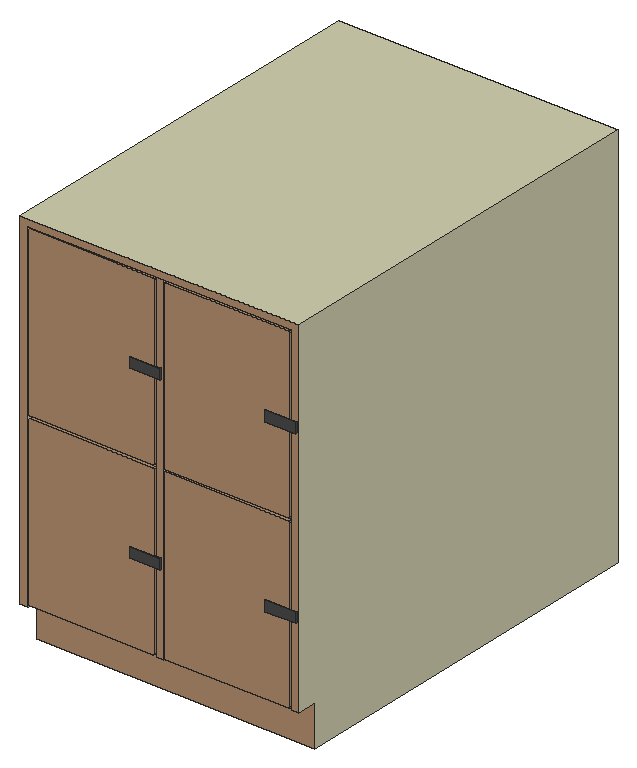
Revit family "Cabinet_Wenger_UltraStor_55", category Furniture, Revit 2015
Parameters (values of type "UltraStor Cabinet #55 - Comp Wood Doors")
  URL = "https://www.wengercorp.com/"
  Type Comments = ""
  Specification = "http://www.arcat.com/sdspecs/htm04/12_35_83wen.htm"
  Shelf Thickness = 0' - 1 1/8"
  Sales Information = "https://www.wengercorp.com/contact-us.php"
  Revision = "R1_2018-04"
  Rear Panel Thickness = 0' - 0 3/4"
  Product Data = "http://www.arcat.com/arcatcos/cos36/arc36487.html"
  Manufacturer Website = "https://www.wengercorp.com/"
  Manufacturer Phone - Toll Free = "800-4WENGER"
  Manufacturer Phone = "(507) 455-4100"
  Manufacturer Fax = "(507) 455-4258"
  Manufacturer Address = "555 Park Dr., Owatonna, MN 55060"
  Keynote = "12 35 83"
  HasDoors = yes
  Green Building-LEED = "http://www.arcat.com/green/clients/leed_data_36487.html"
  Drawn By = "Sumex Design, Inc. / Robert S. Weygant, CSI, CDT, SCIP"
  Door Width = (Cabinet Width - 0' 2 1/4") / 2  # 1' - 0 5/8"
  Door Style = Door_Base : Solid Door
  Door Material [instance] = Wenger Cherry (Use Cherry Edge Band Only)
  Door Height = (Cabinet Height - 0' 4 3/4") / 2  # 1' - 4 25/32"
  Toe Kick Material [instance] = Wenger Cherry (Use Cherry Edge Band Only)
  RH End Panel [instance] = no
  Model = "#55"
  Manufacturer = "Wenger Corporation"
  LH End Panel [instance] = no
  End Panel Material [instance] = Wenger Cherry (Use Cherry Edge Band Only)
  Edge Banding Material [instance] = Wenger Cherry (Use Cherry Edge Band Only)
  Cost = 0
  Copyright = "© 2018 Arcat Inc."
  Construction Details = "http://www.arcat.com/details/wengerco/wengerco.html?coid=36487"
  Body Material [instance] = Wenger - Oyster
  Description = "Wenger UltraStor Cabinet #55 - Comp Wood Doors"
  Cabinet Width = 2' - 3 1/2"
  Cabinet Height = 3' - 2 5/16"
  Installed Depth = 3' - 3 1/4"
  Cabinet Panel Thickness = 0' - 0 3/4"
  Assembly Code = "E2010200"
Types (14): name | Rear Panel Thickness | HasDoors | Door Width | Door Style | Door Material | Model | Description | Cabinet Width | Installed Depth
  Acoustic Cabinet #55 - No Doors | 0' - 3 1/4" | no | 1' - 0 5/8" | Door_Base : Solid Door | none | "#55A" | "Wenger Acoustic Cabinet #55 - No Doors" | 2' - 3 1/2" | 3' - 5 3/4"
  Narrow Acoustic Cabinet #55 - No Doors | 0' - 3 1/4" | no | 0' - 9 5/8" | Door_Base : Solid Door | none | "#55NA" | "Wenger Narrow Acoustic Cabinet #55 - No Doors" | 1' - 9 1/2" | 3' - 5 3/4"
  Acoustic Cabinet #55 - Comp Grille Doors | 0' - 3 1/4" | yes | 1' - 0 5/8" | Door_Base : Bars | Painted Black | "#55A" | "Wenger Acoustic Cabinet #55 - Comp Grille Doors" | 2' - 3 1/2" | 3' - 5 3/4"
  Narrow Acoustic Cabinet #55 - Comp Grille Doors | 0' - 3 1/4" | yes | 0' - 9 5/8" | Door_Base : Bars | Painted Black | "#55NA" | "Wenger Narrow Acoustic Cabinet #55 - Comp Grille Doors" | 1' - 9 1/2" | 3' - 5 3/4"
  Acoustic Cabinet #55 - Comp Waterfall Grille Doors | 0' - 3 1/4" | yes | 1' - 0 5/8" | Door_Base : Waterfall | Painted Black | "#55A" | "Wenger Acoustic Cabinet #55 - Comp Waterfall Grille Doors" | 2' - 3 1/2" | 3' - 5 3/4"
  Narrow Acoustic Cabinet #55 - Comp Waterfall Grille Doors | 0' - 3 1/4" | yes | 0' - 9 5/8" | Door_Base : Waterfall | Painted Black | "#55NA" | "Wenger Narrow Acoustic Cabinet #55 - Comp Waterfall Grille Doors" | 1' - 9 1/2" | 3' - 5 3/4"
  Narrow UltraStor Cabinet #55 - No Doors | 0' - 0 3/4" | no | 0' - 9 5/8" | Door_Base : Solid Door | none | "#55N" | "Wenger Narrow Cabinet #55 - No Doors" | 1' - 9 1/2" | 3' - 3 1/4"
  Narrow UltraStor Cabinet #55 - Comp Grille Doors | 0' - 0 3/4" | yes | 0' - 9 5/8" | Door_Base : Bars | Painted Black | "#55N" | "Wenger Narrow Cabinet #55 - Comp Grille Doors" | 1' - 9 1/2" | 3' - 3 1/4"
  UltraStor Cabinet #55 - Comp Waterfall Grille Doors | 0' - 0 3/4" | yes | 1' - 0 5/8" | Door_Base : Waterfall | Painted Black | "#55" | "Wenger UltraStor Cabinet #55 - Comp Waterfall Grille Doors" | 2' - 3 1/2" | 3' - 3 1/4"
  UltraStor Cabinet #55 - Comp Wood Doors | 0' - 0 3/4" | yes | 1' - 0 5/8" | Door_Base : Solid Door | Wenger Cherry (Use Cherry Edge Band Only) | "#55" | "Wenger UltraStor Cabinet #55 - Comp Wood Doors" | 2' - 3 1/2" | 3' - 3 1/4"
  Narrow UltraStor Cabinet #55 - Comp Waterfall Grille Doors | 0' - 0 3/4" | yes | 0' - 9 5/8" | Door_Base : Waterfall | Painted Black | "#55N" | "Wenger Narrow Cabinet #55 - Comp Waterfall Grille Doors" | 1' - 9 1/2" | 3' - 3 1/4"
  Narrow UltraStor Cabinet #55 - Comp Wood Doors | 0' - 0 3/4" | yes | 0' - 9 5/8" | Door_Base : Solid Door | Wenger Cherry (Use Cherry Edge Band Only) | "#55N" | "Wenger Narrow Cabinet #55 - Comp Wood Doors" | 1' - 9 1/2" | 3' - 3 1/4"
  UltraStor Cabinet #55 - No Doors | 0' - 0 3/4" | no | 1' - 0 5/8" | Door_Base : Solid Door | none | "#55" | "Wenger UltraStor Cabinet #55 - No Doors" | 2' - 3 1/2" | 3' - 3 1/4"
  UltraStor Cabinet #55 - Comp Grille Doors | 0' - 0 3/4" | yes | 1' - 0 5/8" | Door_Base : Bars | Painted Black | "#55" | "Wenger UltraStor Cabinet #55 - Comp Grille Doors" | 2' - 3 1/2" | 3' - 3 1/4"
Reference planes (in)
  plane 1 "Front": y = 0
  plane 2: z = 0
  plane 3 "Left": x = 0
  plane 4 "Right": x = 27.5
  plane 5 "Back": y = 39.25
  plane 6 "Top": z = 38.3125
  plane 7: z = 4
  plane 8: z = 20.78125
  plane 9: x = 0.75
  plane 10: x = 26.75
  plane 11: z = 37.5625
  plane 12: x = 13.375
  plane 13: x = 14.125
  plane 14: y = 38.5
  plane 15: y = 2
  plane 16: y = 0.75
  plane 17: z = 21.90625
  plane 18: z = 5.125
Forms (in)
  Extrusion 1, solid, material "Wenger - Oyster" <- "Body Material"
    sketch origin (0, 0, 0) x (0, 1, 0) y (0, 0, 1)
      loop
        line (0, 38.3125) -> (0, 4) -> (2, 4) -> (2, 0) -> (39.25, 0) -> (39.25, 38.3125) -> (0, 38.3125)
    from 0 to 27.5
  Extrusion 2, void
    sketch origin (0, 0, 0) x (0, 1, 0) y (0, 0, 1)
      loop
        line (0, 37.5625) -> (0, 4) -> (0.75, 4)
        arc (0.75, 4) -> (1.15915, 4.80234) -> (2, 5.125) r 1.25694
        line (2, 5.125) -> (38.5, 5.125) -> (38.5, 20.78125) -> (0.75, 20.78125)
        arc (0.75, 20.78125) -> (1.18296, 21.55713) -> (2, 21.90625) r 1.375
        line (2, 21.90625) -> (38.5, 21.90625) -> (38.5, 37.5625) -> (0, 37.5625)
    from 0.75 to 13.375
  Extrusion 3, void
    sketch origin (0, 0, 0) x (0, 1, 0) y (0, 0, 1)
      loop
        line (0, 37.5625) -> (0, 4) -> (0.75, 4)
        arc (0.75, 4) -> (1.18296, 4.77588) -> (2, 5.125) r 1.375
        line (2, 5.125) -> (38.5, 5.125) -> (38.5, 20.78125) -> (0.75, 20.78125)
        arc (0.75, 20.78125) -> (1.18296, 21.55713) -> (2, 21.90625) r 1.375
        line (2, 21.90625) -> (38.5, 21.90625) -> (38.5, 37.5625) -> (0, 37.5625)
    from 14.125 to 26.75
  Extrusion 4, void
    sketch origin (0, 0, 0) x (0, 1, 0) y (0, 0, 1)
      loop
        line (0, 37.5625) -> (0, 4) -> (0.0625, 4) -> (0.0625, 37.5625) -> (0, 37.5625)
    from 0.75 to 26.75
Cuts and joins
  Extrusion 2, Extrusion 3, Extrusion 4 cuts Extrusion 1
Lines and regions (in)
  Masking region 1
    outline origin (0, 0, 0) x (1, 0, 0) y (0, 1, 0)
      loop
        line (0, 39.25) -> (0, 0) -> (27.5, 0) -> (27.5, 39.25) -> (0, 39.25)
Dimensions and locks (in)
  "Cabinet Panel Thickness": plane 3 "Left" to plane 9
  "Cabinet Panel Thickness": plane 10 to plane 4 "Right"
  "Cabinet Panel Thickness": plane 5 "Back" to plane 14
  locked: plane 1 "Front" to plane 16 at 0.75
  locked: plane 1 "Front" to plane 15 at 2
  "Shelf Thickness": plane 17 to plane 8
  "Cabinet Panel Thickness": plane 6 "Top" to plane 11
  equal spacing: plane 11, plane 8, plane 7
  "Shelf Thickness": plane 18 to plane 7
  "Cabinet Width": plane 3 "Left" to plane 4 "Right"
  locked: plane 7 to level at 4
  "Cabinet Height": plane 6 "Top" to level
  "Installed Depth": plane 1 "Front" to plane 5 "Back"
  "Door Width": plane 12 to plane 9
  "Door Width": plane 10 to plane 13
  plane 3 "Left" to plane 4 "Right" = 2' - 3 1/2"
  equal spacing: plane 5 "Back", nested 2, plane 1 "Front"
  equal spacing: plane 12, nested 2, plane 13
  aligned and locked: Extrusion 1 sketch curve to plane 6 "Top"
  aligned and locked: Extrusion 1 sketch curve to plane 5 "Back"
  aligned and locked: Extrusion 1 sketch curve to plane 1 "Front"
  aligned and locked: Extrusion 1 sketch curve to plane 7
  aligned and locked: Extrusion 1 sketch curve to plane 15
  aligned and locked: Extrusion 1 sketch curve to level
  aligned and locked: Extrusion 1 to plane 4 "Right"
  aligned and locked: Extrusion 1 to plane 3 "Left"
  aligned and locked: Extrusion 2 sketch curve to plane 11
  aligned and locked: Extrusion 2 sketch curve to plane 14
  aligned and locked: Extrusion 2 sketch curve to plane 8
  aligned and locked: Extrusion 2 sketch curve to plane 18
  aligned and locked: Extrusion 2 sketch curve to plane 17
  aligned and locked: Extrusion 2 to plane 9
  aligned and locked: plane 12 to Extrusion 2
  aligned and locked: Extrusion 3 to plane 10
  aligned and locked: Extrusion 3 to plane 13
  aligned and locked: Extrusion 4 sketch curve to cut or joined group of Extrusion 1, Extrusion 2, Extrusion 3, Extrusion 4  (x3)
  aligned and locked: Extrusion 4 to plane 10
  aligned and locked: Extrusion 4 to plane 9
  aligned and locked: nested 3 to plane 9
  aligned and locked: plane 12 to nested 3
  aligned and locked: nested 3 to plane 8
  aligned and locked: cut or joined group of Extrusion 1, Extrusion 2, Extrusion 3, Extrusion 4 to plane 13
  aligned and locked: cut or joined group of Extrusion 1, Extrusion 2, Extrusion 3, Extrusion 4 to plane 10
  aligned and locked: nested 4 to plane 8
  aligned and locked: plane 8 to cut or joined group of Extrusion 1, Extrusion 2, Extrusion 3, Extrusion 4
  aligned and locked: nested 6 to plane 10
  aligned and locked: nested 4 to plane 10
  aligned and locked: nested 4 to plane 13
  aligned and locked: nested 6 to plane 13
  aligned and locked: plane 12 to nested 5
  aligned and locked: nested 5 to plane 9
  aligned and locked: plane 7 to cut or joined group of Extrusion 1, Extrusion 2, Extrusion 3, Extrusion 4
  aligned and locked: nested 6 to plane 7
  aligned and locked: nested 5 to plane 7
  aligned and locked: plane 16 to Extrusion 2 sketch curve
  aligned and locked: plane 1 "Front" to nested 7
  aligned and locked: nested 7 to level
  aligned and locked: nested 7 to plane 4 "Right"
  aligned and locked: Masking region 1 sketch curve to plane 5 "Back"
  aligned and locked: Masking region 1 sketch curve to plane 1 "Front"
  aligned and locked: plane 3 "Left" to Masking region 1 sketch curve
  aligned and locked: plane 4 "Right" to Masking region 1 sketch curve
  aligned and locked: plane 1 "Front" to Extrusion 2 sketch curve
  aligned and locked: plane 1 "Front" to Extrusion 3 sketch curve
Automatic sketch dimensions
  Extrusion 3 sketch curve to plane 11 = 0' - 0"
  Extrusion 3 sketch curve to plane 7 = 0' - 0"
  Extrusion 3 sketch curve to plane 16 = 0' - 0"  (x2)
  Extrusion 3 sketch curve to plane 8 = 0' - 0"
  Extrusion 3 sketch curve to plane 15 = 0' - 0"  (x2)
  Extrusion 3 sketch curve to plane 14 = 0' - 0"  (x2)
  Extrusion 3 sketch curve to plane 18 = 0' - 0"
  Extrusion 3 sketch curve to plane 17 = 0' - 0"
  Extrusion 3 sketch curve to plane 15 = 0' - 0.10279"  (x2)
  plane 16 to Extrusion 4 sketch curve = 0' - 0 11/16"
  Extrusion 2 sketch curve to plane 7 = 0' - 0"
  Extrusion 2 sketch curve to plane 15 = 0' - 0"  (x2)
  Extrusion 2 sketch curve to plane 14 = 0' - 0"
  Extrusion 2 sketch curve to plane 16 = 0' - 0"
  Extrusion 2 sketch curve to plane 15 = 0' - 0.10279"
Nested families (in)
  nested 1: "End Panel" at (0, 24.25, 0) x (0, -1, 0) z (0, 0, 1), End Panel Material <- "End Panel Material", visible <- "LH End Panel", Edge Banding Material <- "Edge Banding Material", type "End Panel"
    with End Panel Material Wenger Cherry (Use Cherry Edge Band Only), Edge Banding Material Wenger Cherry (Use Cherry Edge Band Only), End Panel Height 3' - 2 5/16", End Panel Depth 3' - 3 1/4"
  nested 2: "Labels" at (13.75, 19.625, 0), type "Labels"
  nested 3: "Door_Base" at (7.0625, 0, 20.78125) x (1, 0, 0) z (0, -1, 0), type <- "Door Style", Height <- "Door Height", Width <- "Door Width", visible <- "HasDoors", type "Solid Door", detail levels medium+fine
    with vBars 11, Width 1' - 0 5/8", ToeKick Height 0' - 4", MidBar no, Height 1' - 4 25/32", BarHt 1' - 4 9/32", 2HzBars no
  nested 4: "Door_Base" at (20.4375, 0, 20.78125) x (1, 0, 0) z (0, -1, 0), type <- "Door Style", Height <- "Door Height", Width <- "Door Width", visible <- "HasDoors", type "Solid Door", detail levels medium+fine
    with vBars 11, Width 1' - 0 5/8", ToeKick Height 0' - 4", MidBar no, Height 1' - 4 25/32", BarHt 1' - 4 9/32", 2HzBars no
  nested 5: "Door_Base" at (7.0625, 0, 4) x (1, 0, 0) z (0, -1, 0), type <- "Door Style", Height <- "Door Height", Width <- "Door Width", visible <- "HasDoors", type "Solid Door", detail levels medium+fine
    with vBars 11, Width 1' - 0 5/8", ToeKick Height 0' - 4", MidBar no, Height 1' - 4 25/32", BarHt 1' - 4 9/32", 2HzBars no
  nested 6: "Door_Base" at (20.4375, 0, 4) x (1, 0, 0) z (0, -1, 0), type <- "Door Style", Height <- "Door Height", Width <- "Door Width", visible <- "HasDoors", type "Solid Door", detail levels medium+fine
    with vBars 11, Width 1' - 0 5/8", ToeKick Height 0' - 4", MidBar no, Height 1' - 4 25/32", BarHt 1' - 4 9/32", 2HzBars no
  nested 7: "End Panel" at (28.25, 24.25, 0) x (0, -1, 0) z (0, 0, 1), End Panel Material <- "End Panel Material", Edge Banding Material <- "Edge Banding Material", visible <- "RH End Panel", type "End Panel"
    with End Panel Material Wenger Cherry (Use Cherry Edge Band Only), Edge Banding Material Wenger Cherry (Use Cherry Edge Band Only), End Panel Height 3' - 2 5/16", End Panel Depth 3' - 3 1/4"
Definition of nested family "End Panel"
  Parameters (values of type "End Panel")
    End Panel Material [instance] = none
    End Panel Height = 7' - 1 5/8"
    End Panel Depth = 1' - 9 3/4"
    Edge Banding Material [instance] = none
    Default Elevation = 4' - 0"
    Assembly Code = ""
  Reference planes (in)
    plane 1 "Center (Front/Back)": y = 0
    plane 2: z = 0
    plane 3 "Center (Left/Right)": x = 0
    plane 4: x = -15
    plane 5: x = 6.75
    plane 6: z = 4
    plane 7: x = 4.75
    plane 8: z = 85.625
    plane 9: y = -0.75
  Forms (in)
    Extrusion 1, solid, material <- "End Panel Material"
      sketch origin (0, 0, 0) x (1, 0, 0) y (0, 0, 1)
        loop
          line (-15, 85.625) -> (-15, 0) -> (4.75, 0) -> (4.75, 4) -> (6.75, 4) -> (6.75, 85.625) -> (-15, 85.625)
      from 0 to 0.75
  Lines and regions (in)
    Masking region 1, detail levels coarse+medium
      outline origin (0, 0, 0) x (1, 0, 0) y (0, 1, 0)
        loop
          line (-15, 0) -> (-15, -0.75) -> (6.75, -0.75) -> (6.75, 0) -> (-15, 0)
  Dimensions and locks (in)
    locked: plane 7 to plane 5 at 2
    locked: plane 6 to level at 4
    "End Panel Height": plane 8 to level
    "End Panel Depth": plane 5 to plane 4
    locked: plane 9 to plane 1 "Center (Front/Back)" at 0.75
    aligned and locked: plane 4 to Extrusion 1 sketch curve
    aligned and locked: level to Extrusion 1 sketch curve
    aligned and locked: plane 7 to Extrusion 1 sketch curve
    aligned and locked: plane 6 to Extrusion 1 sketch curve
    aligned and locked: Extrusion 1 sketch curve to plane 5
    aligned and locked: Extrusion 1 sketch curve to plane 8
    aligned and locked: Extrusion 1 to plane 9
    aligned and locked: Extrusion 1 to plane 1 "Center (Front/Back)"
    aligned and locked: plane 4 to Masking region 1 sketch curve
    aligned and locked: Masking region 1 sketch curve to plane 5
    aligned and locked: plane 1 "Center (Front/Back)" to Masking region 1 sketch curve
    aligned and locked: plane 9 to Masking region 1 sketch curve
Definition of nested family "Door_Base"
  Parameters (values of type "None")
    vBars [instance] = (Width - 0' 2") / 0' 1"  # 6
    Width [instance] = 0' - 8"
    ToeKick Height [instance] = 0' - 4"
    Thickness = 0' - 0 3/4"
    Solid Door = no
    Shelf Thickness = 0' - 0 3/4"
    Panel Thickness = 0' - 0 3/4"
    MidBar [instance] = and(Height < 1' 6", HasDoor, not(Solid Door))  # no
    Height [instance] = 1' - 2 5/8"
    HasDoor = no
    Edge Banding = none
    DoorGap = 0' - 0 1/8"
    Door Finish = none
    Depth = 2' - 0"
    Default Elevation = 4' - 0"
    Bars = no
    BarStyle = Bars : Waterfall
    BarHt [instance] = Height - 0' 0 1/2"  # 1' - 2 1/8"
    2HzBars [instance] = and(Height > 1' 6", not(Solid Door))  # no
  Types (4): name | Thickness | Solid Door | MidBar | HasDoor | Bars | BarStyle
    Solid Door | 0' - 0 3/4" | yes | no | yes | no | Bars : Waterfall
    Bars | 0' - 0 1/4" | no | yes | yes | yes | Bars : Straight
    Waterfall | 0' - 0 3/4" | no | yes | yes | yes | Bars : Waterfall
    None | 0' - 0 3/4" | no | no | no | no | Bars : Waterfall
  Reference planes (in)
    plane 1 "Center (Front/Back)": y = 0
    plane 2: z = 0
    plane 3 "Center (Left/Right)": x = 0
    plane 4: x = -4
    plane 5: y = 14.625
    plane 6: x = 4
    plane 7: z = -0.75
    plane 8: x = -3.875
    plane 9: x = 3.875
    plane 10: y = 0.125
    plane 11: y = 14.5
    plane 12: y = -0.75
    plane 13 "CL Elev": y = 7.3125
    plane 14: x = -3.75
    plane 15: x = 3.75
    plane 16 "BtmRail": y = 0.25
    plane 17: y = 14.375
    plane 18: z = -0.125
    plane 19: x = -2.75
    plane 20: x = 2.75
    plane 21: y = 9.66667
    plane 22: y = 4.95833
  Forms (in)
    Extrusion 1, solid, material <- "Door Finish", visible <- "Solid Door", detail levels medium+fine
      sketch origin (0, 0, 0) x (1, 0, 0) y (0, 1, 0)
        loop
          arc (-3.75, 14.5) -> (-3.83839, 14.46339) -> (-3.875, 14.375) r 0.125
          line (-3.875, 14.375) -> (-3.875, 0.25)
          arc (-3.875, 0.25) -> (-3.83839, 0.16161) -> (-3.75, 0.125) r 0.125
          line (-3.75, 0.125) -> (3.75, 0.125)
          arc (3.75, 0.125) -> (3.83839, 0.16161) -> (3.875, 0.25) r 0.125
          line (3.875, 0.25) -> (3.875, 14.375)
          arc (3.875, 14.375) -> (3.83839, 14.46339) -> (3.75, 14.5) r 0.125
          line (3.75, 14.5) -> (-3.75, 14.5)
      from 0 to -0.75
    Sweep 2, solid, material <- "Door Finish", visible <- "Bars", detail levels medium+fine
      path origin (0, 0, 0) x (1, 0, 0) y (0, 1, 0)
        loop
          arc (-3.125, 14.5) -> (-3.65533, 14.28033) -> (-3.875, 13.75) r 0.75
          line (-3.875, 13.75) -> (-3.875, 0.875)
          arc (-3.875, 0.875) -> (-3.65533, 0.34467) -> (-3.125, 0.125) r 0.75
          line (-3.125, 0.125) -> (3.125, 0.125)
          arc (3.125, 0.125) -> (3.65533, 0.34467) -> (3.875, 0.875) r 0.75
          line (3.875, 0.875) -> (3.875, 13.75)
          arc (3.875, 13.75) -> (3.65533, 14.28033) -> (3.125, 14.5) r 0.75
          line (3.125, 14.5) -> (-3.125, 14.5)
      profile origin (0, 14.5, 0) x (0, 1, 0) y (0, 0, 1)
        loop
          circle (-0.125, -0.125) r 0.125
    Extrusion 3, solid, material <- "Door Finish", visible <- "MidBar", detail levels medium+fine
      sketch origin (0, 0, 0) x (0, 1, 0) y (0, 0, 1)
        loop
          circle (7.3125, -0.125) r 0.125
      from -3.75 to 3.75
    Extrusion 4, solid, visible <- "HasDoor", detail levels fine
      sketch origin (0, 0, 0) x (1, 0, 0) y (0, 1, 0)
        loop
          line (1.5, 7.8125) -> (1.5, 6.8125) -> (4.5, 6.8125) -> (4.5, 7.8125) -> (1.5, 7.8125)
      from 0 to 0.125
    Extrusion 5, solid, material <- "Door Finish", visible <- "2HzBars", detail levels medium+fine
      sketch origin (0, 0, 0) x (0, 1, 0) y (0, 0, 1)
        loop
          circle (9.66667, -0.125) r 0.125
        loop
          circle (4.95833, -0.125) r 0.125
      from -3.75 to 3.75
  Lines and regions (in)
    symbolic lines, visible <- "HasDoor", detail levels medium+fine
      curve 1: line (4, 0.25, 0) -> (-4, 0.25, 0)
      curve 2: line (-4, 0.25, 0) -> (-4, 0.25, 8)
      curve 3: arc (4, 0.25, 0) -> (1.65685, 0.25, 5.65685) -> (-4, 0.25, 8) r 8
    symbolic lines, visible <- "HasDoor"
      curve 4: line (3.875, 0.25, 0) -> (3.875, 0.25, -0.75)
      curve 5: line (3.875, 0.25, -0.75) -> (-3.875, 0.25, -0.75)
      curve 6: line (-3.875, 0.25, -0.75) -> (-3.875, 0.25, 0)
    symbolic lines, detail levels medium
      curve 7: line (3.875, 14.5, 0) -> (-3.875, 7.3125, 0)
      curve 8: line (-3.875, 7.3125, 0) -> (3.875, 0.125, 0)
  Dimensions and locks (in)
    "Height": plane 1 "Center (Front/Back)" to plane 5
    "Thickness": level to plane 7
    equal spacing: plane 4, plane 3 "Center (Left/Right)", plane 6
    "Width": plane 4 to plane 6
    "DoorGap": plane 5 to plane 11
    "DoorGap": plane 9 to plane 6
    "DoorGap": plane 4 to plane 8
    "DoorGap": plane 1 "Center (Front/Back)" to plane 10
    "Shelf Thickness": plane 1 "Center (Front/Back)" to plane 12
    equal spacing: plane 1 "Center (Front/Back)", plane 13 "CL Elev", plane 5
    locked: plane 15 to plane 9 at 0.125
    locked: plane 8 to plane 14 at 0.125
    locked: plane 11 to plane 17 at 0.125
    locked: plane 16 "BtmRail" to plane 10 at 0.125
    locked: level to plane 18 at 0.125
    plane 19 to plane 14 = 0' - 1"
    locked: plane 15 to plane 20 at 1
    Extrusion 4 sketch curve to plane 13 "CL Elev" to Extrusion 4 sketch curve = 0' - 0 1/2" locked, 0' - 0 1/2" locked
    locked: plane 6 to Extrusion 4 sketch curve at 0.5
    locked: Extrusion 4 sketch curve to plane 6 at 2.5
    locked: Extrusion 4 to level at 0.125
    equal spacing: group 1, group 3, group 4, group 5, group 6, group 2  (x3)
    equal spacing: plane 17, plane 21, plane 22, plane 16 "BtmRail"
    "Width": radius of curve 3
    aligned and locked: plane 2 to level
    aligned and locked: Extrusion 1 sketch curve to plane 11
    aligned and locked: plane 8 to Extrusion 1 sketch curve
    aligned and locked: Extrusion 1 sketch curve to plane 9
    aligned and locked: plane 10 to Extrusion 1 sketch curve
    aligned and locked: Extrusion 1 to plane 7
    aligned and locked: level to Extrusion 1
    aligned and locked: Sweep 2 sketch curve to plane 11
    aligned and locked: plane 8 to Sweep 2 sketch curve
    aligned and locked: plane 10 to Sweep 2 sketch curve
    aligned and locked: Sweep 2 sketch curve to plane 9
    aligned and locked: plane 15 to Extrusion 3
    aligned and locked: Extrusion 3 to plane 14
    aligned and locked: plane 20 to nested 2
    aligned and locked: plane 19 to nested 1
    aligned and locked: plane 21 to Extrusion 5 sketch curve
    aligned and locked: plane 18 to Extrusion 5 sketch curve  (x2)
    aligned and locked: plane 22 to Extrusion 5 sketch curve
    aligned and locked: Extrusion 5 to Extrusion 3  (x2)
    aligned and locked: plane 4 to curve 3  (x2)
    aligned and locked: level to curve 3
    aligned and locked: plane 7 to curve 5
    aligned and locked: Extrusion 1 to plane 8
    aligned and locked: plane 9 to Extrusion 1
    aligned and locked: plane 10 to curve 8
    aligned and locked: plane 9 to curve 8
    aligned and locked: plane 13 "CL Elev" to curve 8
    aligned and locked: plane 11 to curve 7
    aligned and locked: plane 9 to curve 7
  Automatic sketch dimensions
    plane 8 to Sweep 2 sketch curve = 0' - 0 3/4"  (x2)
    Sweep 2 sketch curve to plane 9 = 0' - 0 3/4"
    Sweep 2 sketch curve to Sweep 2 sketch curve = 0' - 0 3/4"
    Sweep 2 sketch curve to level = 0' - 0 1/8"
    profile plane to Sweep 2 sketch curve = 0' - 0 1/8"
    Extrusion 3 sketch curve to level = 0' - 0 1/8"
    Extrusion 3 sketch curve to plane 13 "CL Elev" = 0' - 0"
    curve 8 to plane 8 = 0' - 0"
    Extrusion 1 sketch curve to plane 14 = 0' - 0"  (x2)
    Extrusion 1 sketch curve to plane 15 = 0' - 0"  (x2)
    curve 5 to plane 9 = 0' - 0"
    curve 6 to plane 8 = 0' - 0"
    radius of Sweep 2 sketch curve = 0' - 0 1/8"
    radius of Extrusion 3 sketch curve = 0' - 0 1/8"
    radius of Extrusion 5 sketch curve = 0' - 0 1/8"  (x2)
  Nested families (in)
    nested 1: "Bars" at (-2.75, 0.25, -0.125) x (1, 0, 0) z (0, 1, 0), type <- "BarStyle", visible <- "Bars", type "Waterfall", detail levels fine
      with Lateral Deviation 0' - 1", Height 1' - 2 1/8"
    nested 2: "Bars" at (2.75, 0.25, -0.125) x (1, 0, 0) z (0, 1, 0), type <- "BarStyle", visible <- "Bars", type "Waterfall", detail levels fine
      with Lateral Deviation 0' - 1", Height 1' - 2 1/8"
    nested 3: "Bars" at (-1.65, 0.25, -0.125) x (1, 0, 0) z (0, 1, 0), type <- "BarStyle", visible <- "Bars", type "Waterfall", detail levels fine
      with Lateral Deviation 0' - 1", Height 1' - 2 1/8"
    nested 4: "Bars" at (-0.55, 0.25, -0.125) x (1, 0, 0) z (0, 1, 0), type <- "BarStyle", visible <- "Bars", type "Waterfall", detail levels fine
      with Lateral Deviation 0' - 1", Height 1' - 2 1/8"
    nested 5: "Bars" at (0.55, 0.25, -0.125) x (1, 0, 0) z (0, 1, 0), type <- "BarStyle", visible <- "Bars", type "Waterfall", detail levels fine
      with Lateral Deviation 0' - 1", Height 1' - 2 1/8"
    nested 6: "Bars" at (1.65, 0.25, -0.125) x (1, 0, 0) z (0, 1, 0), type <- "BarStyle", visible <- "Bars", type "Waterfall", detail levels fine
      with Lateral Deviation 0' - 1", Height 1' - 2 1/8"
  Definition of nested family "Bars"
    Parameters (values of type "Straight")
      WaterFall = no
      Straight = yes
      Lateral Deviation = 0' - 1 1/2"
      Height = 1' - 2 5/8"
      Default Elevation = 4' - 0"
      Bars = none
    Types (3): name | WaterFall | Straight
      (no name) | no | yes
      Waterfall | yes | no
      Straight | no | yes
    Reference planes (in)
      plane 1 "Center (Front/Back)": y = 0
      plane 2: z = 0
      plane 3 "Center (Left/Right)": x = 0
      plane 4: z = 14.625
      plane 5: z = 7.3125
      plane 6: x = 0.75
      plane 7: x = -0.75
      plane 8: z = 10.96875
      plane 9: z = 3.65625
    Forms (in)
      Sweep 1, solid, material <- "Bars", visible <- "WaterFall"
        path origin (0, 0, 0) x (1, 0, 0) y (0, 0, 1)
          loop
            arc (0, 0) -> (0.56057, 1.79006) -> (0.75, 3.65625) r 9.28711
            arc (0.75, 3.65625) -> (0.56057, 5.52244) -> (0, 7.3125) r 9.28711
        profile origin (0.56057, 0, 1.79006) x (-0.979603, 0, 0.200944) y (0, -1, 0)
          loop
            circle (0, 0) r 0.0625
      Sweep 2, solid, material <- "Bars", visible <- "WaterFall"
        path origin (0, 0, 14.625) x (-1, 0, 0) y (0, 0, -1)
          loop
            arc (0, 0) -> (0.56057, 1.79006) -> (0.75, 3.65625) r 9.28711
            arc (0.75, 3.65625) -> (0.56057, 5.52244) -> (0, 7.3125) r 9.28711
        profile origin (-0.56057, 0, 12.83494) x (0.979603, 0, -0.200944) y (0, -1, 0)
          loop
            circle (0, 0) r 0.0625
      Extrusion 3, solid, material <- "Bars", visible <- "Straight"
        sketch origin (0, 0, 0) x (1, 0, 0) y (0, 1, 0)
          loop
            circle (0, 0) r 0.0625
        from 0 to 14.625
    Dimensions and locks (in)
      "Height": plane 4 to level
      equal spacing: plane 6, plane 3 "Center (Left/Right)", plane 7
      "Lateral Deviation": plane 6 to plane 7
      equal spacing: plane 4, plane 8, plane 5, plane 9, level
      aligned and locked: plane 2 to level
      aligned and locked: plane 3 "Center (Left/Right)" to Sweep 1 sketch curve  (x2)
      aligned and locked: level to Sweep 1 sketch curve
      aligned and locked: plane 6 to Sweep 1 sketch curve
      aligned and locked: plane 9 to Sweep 1 sketch curve
      aligned and locked: plane 4 to Sweep 2 sketch curve
      aligned and locked: plane 3 "Center (Left/Right)" to Sweep 2 sketch curve  (x2)
      aligned and locked: plane 8 to Sweep 2 sketch curve
      aligned and locked: plane 7 to Sweep 2 sketch curve
      aligned and locked: plane 5 to Sweep 2 sketch curve
      aligned and locked: plane 4 to Extrusion 3
      aligned and locked: Extrusion 3 to level
    Automatic sketch dimensions
      plane 1 "Center (Front/Back)" to Sweep 1 sketch curve = 0' - 0"
      Sweep 1 sketch curve to profile plane = 0' - 0"
      Sweep 1 sketch curve to Sweep 1 sketch curve = 0' - 0"
      Sweep 2 sketch curve to plane 1 "Center (Front/Back)" = 0' - 0"
      Sweep 2 sketch curve to profile plane = 0' - 0"
      plane 1 "Center (Front/Back)" to Extrusion 3 sketch curve = 0' - 0"
      Extrusion 3 sketch curve to plane 3 "Center (Left/Right)" = 0' - 0"
      radius of Sweep 1 sketch curve = 0' - 0 1/16"
      radius of Sweep 2 sketch curve = 0' - 0 1/16"
      radius of Extrusion 3 sketch curve = 0' - 0 1/16"
Definition of nested family "Labels"
  Parameters
    Cabinet Label = "01"
  Reference planes (in)
    plane 1: y = 0
    plane 2: x = 0
  Text (in)
    label "xxxx" at (-0.00018, 0.00754, 0), shows "Cabinet Label"
